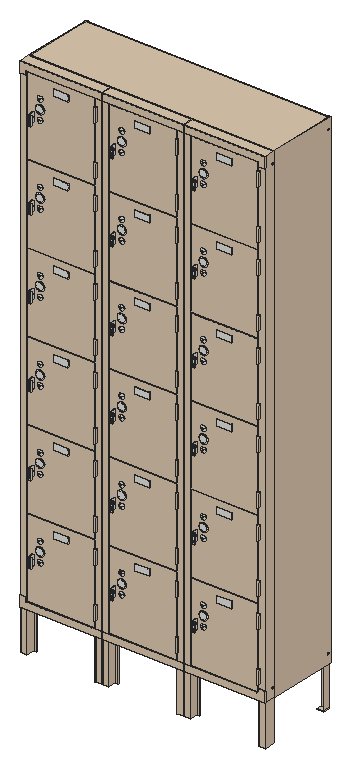
Revit family "Metal_Vented_Lockers-Salsbury_Industries-75000_76000_Series-3_Wide_Units", category Specialty Equipment, Revit 2016 (continued)
Definition of nested family "Vents"
  Lines and regions (in)
    model lines
      curve 4: spline (-0.12232, 0, 67.66311) -> (-0.1046, 0, 67.6924) -> (-0.08525, 0, 67.71698) -> (-0.06455, 0, 67.73644) -> (-0.04284, 0, 67.7505) -> (-0.02044, 0, 67.75894) -> (0.00229, 0, 67.76163) -> (0.02501, 0, 67.75853) -> (0.04737, 0, 67.74968) -> (0.06902, 0, 67.73522) -> (0.08963, 0, 67.71538) -> (0.10888, 0, 67.69045) -> (0.12647, 0, 67.66083)
      curve 5: line (-0.12232, 0, 67.66311) -> (-0.3738, 0, 67.01138)
      curve 6: line (0.12647, 0, 67.66083) -> (0.37669, 0, 67.01065)
      curve 7: spline (-0.12218, 0, 64.62229) -> (-0.10447, 0, 64.59316) -> (-0.08514, 0, 64.56873) -> (-0.06447, 0, 64.54937) -> (-0.04279, 0, 64.53539) -> (-0.02043, 0, 64.52699) -> (0.00227, 0, 64.52432) -> (0.02496, 0, 64.5274) -> (0.04728, 0, 64.53619) -> (0.0689, 0, 64.55055) -> (0.08949, 0, 64.57027) -> (0.10872, 0, 64.59505) -> (0.1263, 0, 64.62449)
      curve 8: line (-0.12218, 0, 64.62229) -> (-0.3738, 0, 65.27438)
      curve 9: line (0.1263, 0, 64.62449) -> (0.37669, 0, 65.27365)
      curve 10: spline (-0.12232, 0, 65.92611) -> (-0.1046, 0, 65.9554) -> (-0.08525, 0, 65.97998) -> (-0.06455, 0, 65.99944) -> (-0.04284, 0, 66.0135) -> (-0.02044, 0, 66.02194) -> (0.00229, 0, 66.02463) -> (0.02501, 0, 66.02153) -> (0.04737, 0, 66.01268) -> (0.06902, 0, 65.99822) -> (0.08963, 0, 65.97838) -> (0.10888, 0, 65.95345) -> (0.12647, 0, 65.92383)
      curve 11: line (-0.12232, 0, 65.92611) -> (-0.3738, 0, 65.27438)
      curve 12: line (0.12647, 0, 65.92383) -> (0.37669, 0, 65.27365)
      curve 13: spline (-0.12218, 0, 62.88529) -> (-0.10447, 0, 62.85616) -> (-0.08514, 0, 62.83173) -> (-0.06447, 0, 62.81237) -> (-0.04279, 0, 62.79839) -> (-0.02043, 0, 62.78999) -> (0.00227, 0, 62.78732) -> (0.02496, 0, 62.7904) -> (0.04728, 0, 62.79919) -> (0.0689, 0, 62.81355) -> (0.08949, 0, 62.83327) -> (0.10872, 0, 62.85805) -> (0.1263, 0, 62.88749)
      curve 14: line (-0.12218, 0, 62.88529) -> (-0.3738, 0, 63.53738)
      curve 15: line (0.1263, 0, 62.88749) -> (0.37669, 0, 63.53665)
      curve 16: spline (-0.12232, 0, 64.18911) -> (-0.1046, 0, 64.2184) -> (-0.08525, 0, 64.24298) -> (-0.06455, 0, 64.26244) -> (-0.04284, 0, 64.2765) -> (-0.02044, 0, 64.28494) -> (0.00229, 0, 64.28763) -> (0.02501, 0, 64.28453) -> (0.04737, 0, 64.27568) -> (0.06902, 0, 64.26122) -> (0.08963, 0, 64.24138) -> (0.10888, 0, 64.21645) -> (0.12647, 0, 64.18683)
      curve 17: line (-0.12232, 0, 64.18911) -> (-0.3738, 0, 63.53738)
      curve 18: line (0.12647, 0, 64.18683) -> (0.37669, 0, 63.53665)
      curve 19: spline (-0.12218, 0, 61.14829) -> (-0.10447, 0, 61.11916) -> (-0.08514, 0, 61.09473) -> (-0.06447, 0, 61.07537) -> (-0.04279, 0, 61.06139) -> (-0.02043, 0, 61.05299) -> (0.00227, 0, 61.05032) -> (0.02496, 0, 61.0534) -> (0.04728, 0, 61.06219) -> (0.0689, 0, 61.07655) -> (0.08949, 0, 61.09627) -> (0.10872, 0, 61.12105) -> (0.1263, 0, 61.15049)
      curve 20: line (-0.12218, 0, 61.14829) -> (-0.3738, 0, 61.80038)
      curve 21: line (0.1263, 0, 61.15049) -> (0.37669, 0, 61.79965)
      curve 22: spline (-0.12232, 0, 62.45211) -> (-0.1046, 0, 62.4814) -> (-0.08525, 0, 62.50598) -> (-0.06455, 0, 62.52544) -> (-0.04284, 0, 62.5395) -> (-0.02044, 0, 62.54794) -> (0.00229, 0, 62.55063) -> (0.02501, 0, 62.54753) -> (0.04737, 0, 62.53868) -> (0.06902, 0, 62.52422) -> (0.08963, 0, 62.50438) -> (0.10888, 0, 62.47945) -> (0.12647, 0, 62.44983)
      curve 23: line (-0.12232, 0, 62.45211) -> (-0.3738, 0, 61.80038)
      curve 24: line (0.12647, 0, 62.44983) -> (0.37669, 0, 61.79965)
      curve 25: spline (-0.12218, 0, 59.41129) -> (-0.10447, 0, 59.38216) -> (-0.08514, 0, 59.35773) -> (-0.06447, 0, 59.33837) -> (-0.04279, 0, 59.32439) -> (-0.02043, 0, 59.31599) -> (0.00227, 0, 59.31332) -> (0.02496, 0, 59.3164) -> (0.04728, 0, 59.32519) -> (0.0689, 0, 59.33955) -> (0.08949, 0, 59.35927) -> (0.10872, 0, 59.38405) -> (0.1263, 0, 59.41349)
      curve 26: line (-0.12218, 0, 59.41129) -> (-0.3738, 0, 60.06338)
      curve 27: line (0.1263, 0, 59.41349) -> (0.37669, 0, 60.06265)
      curve 28: spline (-0.12232, 0, 60.71511) -> (-0.1046, 0, 60.7444) -> (-0.08525, 0, 60.76898) -> (-0.06455, 0, 60.78844) -> (-0.04284, 0, 60.8025) -> (-0.02044, 0, 60.81094) -> (0.00229, 0, 60.81363) -> (0.02501, 0, 60.81053) -> (0.04737, 0, 60.80168) -> (0.06902, 0, 60.78722) -> (0.08963, 0, 60.76738) -> (0.10888, 0, 60.74245) -> (0.12647, 0, 60.71283)
      curve 29: line (-0.12232, 0, 60.71511) -> (-0.3738, 0, 60.06338)
      curve 30: line (0.12647, 0, 60.71283) -> (0.37669, 0, 60.06265)
      curve 31: spline (-0.12218, 0, 57.67429) -> (-0.10447, 0, 57.64516) -> (-0.08514, 0, 57.62073) -> (-0.06447, 0, 57.60137) -> (-0.04279, 0, 57.58739) -> (-0.02043, 0, 57.57899) -> (0.00227, 0, 57.57632) -> (0.02496, 0, 57.5794) -> (0.04728, 0, 57.58819) -> (0.0689, 0, 57.60255) -> (0.08949, 0, 57.62227) -> (0.10872, 0, 57.64705) -> (0.1263, 0, 57.67649)
      curve 32: line (-0.12218, 0, 57.67429) -> (-0.3738, 0, 58.32638)
      curve 33: line (0.1263, 0, 57.67649) -> (0.37669, 0, 58.32565)
      curve 34: spline (-0.12232, 0, 58.97811) -> (-0.1046, 0, 59.0074) -> (-0.08525, 0, 59.03198) -> (-0.06455, 0, 59.05144) -> (-0.04284, 0, 59.0655) -> (-0.02044, 0, 59.07394) -> (0.00229, 0, 59.07663) -> (0.02501, 0, 59.07353) -> (0.04737, 0, 59.06468) -> (0.06902, 0, 59.05022) -> (0.08963, 0, 59.03038) -> (0.10888, 0, 59.00545) -> (0.12647, 0, 58.97583)
      curve 35: line (-0.12232, 0, 58.97811) -> (-0.3738, 0, 58.32638)
      curve 36: line (0.12647, 0, 58.97583) -> (0.37669, 0, 58.32565)
      curve 37: spline (-0.12218, 0, 55.93729) -> (-0.10447, 0, 55.90816) -> (-0.08514, 0, 55.88373) -> (-0.06447, 0, 55.86437) -> (-0.04279, 0, 55.85039) -> (-0.02043, 0, 55.84199) -> (0.00227, 0, 55.83932) -> (0.02496, 0, 55.8424) -> (0.04728, 0, 55.85119) -> (0.0689, 0, 55.86555) -> (0.08949, 0, 55.88527) -> (0.10872, 0, 55.91005) -> (0.1263, 0, 55.93949)
      curve 38: line (-0.12218, 0, 55.93729) -> (-0.3738, 0, 56.58938)
      curve 39: line (0.1263, 0, 55.93949) -> (0.37669, 0, 56.58865)
      curve 40: spline (-0.12232, 0, 57.24111) -> (-0.1046, 0, 57.2704) -> (-0.08525, 0, 57.29498) -> (-0.06455, 0, 57.31444) -> (-0.04284, 0, 57.3285) -> (-0.02044, 0, 57.33694) -> (0.00229, 0, 57.33963) -> (0.02501, 0, 57.33653) -> (0.04737, 0, 57.32768) -> (0.06902, 0, 57.31322) -> (0.08963, 0, 57.29338) -> (0.10888, 0, 57.26845) -> (0.12647, 0, 57.23883)
      curve 41: line (-0.12232, 0, 57.24111) -> (-0.3738, 0, 56.58938)
      curve 42: line (0.12647, 0, 57.23883) -> (0.37669, 0, 56.58865)
      curve 43: spline (-0.12218, 0, 54.20029) -> (-0.10447, 0, 54.17116) -> (-0.08514, 0, 54.14673) -> (-0.06447, 0, 54.12737) -> (-0.04279, 0, 54.11339) -> (-0.02043, 0, 54.10499) -> (0.00227, 0, 54.10232) -> (0.02496, 0, 54.1054) -> (0.04728, 0, 54.11419) -> (0.0689, 0, 54.12855) -> (0.08949, 0, 54.14827) -> (0.10872, 0, 54.17305) -> (0.1263, 0, 54.20249)
      curve 44: line (-0.12218, 0, 54.20029) -> (-0.3738, 0, 54.85238)
      curve 45: line (0.1263, 0, 54.20249) -> (0.37669, 0, 54.85165)
      curve 46: spline (-0.12232, 0, 55.50411) -> (-0.1046, 0, 55.5334) -> (-0.08525, 0, 55.55798) -> (-0.06455, 0, 55.57744) -> (-0.04284, 0, 55.5915) -> (-0.02044, 0, 55.59994) -> (0.00229, 0, 55.60263) -> (0.02501, 0, 55.59953) -> (0.04737, 0, 55.59068) -> (0.06902, 0, 55.57622) -> (0.08963, 0, 55.55638) -> (0.10888, 0, 55.53145) -> (0.12647, 0, 55.50183)
      curve 47: line (-0.12232, 0, 55.50411) -> (-0.3738, 0, 54.85238)
      curve 48: line (0.12647, 0, 55.50183) -> (0.37669, 0, 54.85165)
      curve 49: spline (-0.12218, 0, 52.46329) -> (-0.10447, 0, 52.43416) -> (-0.08514, 0, 52.40973) -> (-0.06447, 0, 52.39037) -> (-0.04279, 0, 52.37639) -> (-0.02043, 0, 52.36799) -> (0.00227, 0, 52.36532) -> (0.02496, 0, 52.3684) -> (0.04728, 0, 52.37719) -> (0.0689, 0, 52.39155) -> (0.08949, 0, 52.41127) -> (0.10872, 0, 52.43605) -> (0.1263, 0, 52.46549)
      curve 50: line (-0.12218, 0, 52.46329) -> (-0.3738, 0, 53.11538)
      curve 51: line (0.1263, 0, 52.46549) -> (0.37669, 0, 53.11465)
      curve 52: spline (-0.12232, 0, 53.76711) -> (-0.1046, 0, 53.7964) -> (-0.08525, 0, 53.82098) -> (-0.06455, 0, 53.84044) -> (-0.04284, 0, 53.8545) -> (-0.02044, 0, 53.86294) -> (0.00229, 0, 53.86563) -> (0.02501, 0, 53.86253) -> (0.04737, 0, 53.85368) -> (0.06902, 0, 53.83922) -> (0.08963, 0, 53.81938) -> (0.10888, 0, 53.79445) -> (0.12647, 0, 53.76483)
      curve 53: line (-0.12232, 0, 53.76711) -> (-0.3738, 0, 53.11538)
      curve 54: line (0.12647, 0, 53.76483) -> (0.37669, 0, 53.11465)
      curve 55: spline (-0.12218, 0, 50.72629) -> (-0.10447, 0, 50.69716) -> (-0.08514, 0, 50.67273) -> (-0.06447, 0, 50.65337) -> (-0.04279, 0, 50.63939) -> (-0.02043, 0, 50.63099) -> (0.00227, 0, 50.62832) -> (0.02496, 0, 50.6314) -> (0.04728, 0, 50.64019) -> (0.0689, 0, 50.65455) -> (0.08949, 0, 50.67427) -> (0.10872, 0, 50.69905) -> (0.1263, 0, 50.72849)
      curve 56: line (-0.12218, 0, 50.72629) -> (-0.3738, 0, 51.37838)
      curve 57: line (0.1263, 0, 50.72849) -> (0.37669, 0, 51.37765)
      curve 58: spline (-0.12232, 0, 52.03011) -> (-0.1046, 0, 52.0594) -> (-0.08525, 0, 52.08398) -> (-0.06455, 0, 52.10344) -> (-0.04284, 0, 52.1175) -> (-0.02044, 0, 52.12594) -> (0.00229, 0, 52.12863) -> (0.02501, 0, 52.12553) -> (0.04737, 0, 52.11668) -> (0.06902, 0, 52.10222) -> (0.08963, 0, 52.08238) -> (0.10888, 0, 52.05745) -> (0.12647, 0, 52.02783)
      curve 59: line (-0.12232, 0, 52.03011) -> (-0.3738, 0, 51.37838)
      curve 60: line (0.12647, 0, 52.02783) -> (0.37669, 0, 51.37765)
      curve 61: spline (-0.12218, 0, 48.98929) -> (-0.10447, 0, 48.96016) -> (-0.08514, 0, 48.93573) -> (-0.06447, 0, 48.91637) -> (-0.04279, 0, 48.90239) -> (-0.02043, 0, 48.89399) -> (0.00227, 0, 48.89132) -> (0.02496, 0, 48.8944) -> (0.04728, 0, 48.90319) -> (0.0689, 0, 48.91755) -> (0.08949, 0, 48.93727) -> (0.10872, 0, 48.96205) -> (0.1263, 0, 48.99149)
      curve 62: line (-0.12218, 0, 48.98929) -> (-0.3738, 0, 49.64138)
      curve 63: line (0.1263, 0, 48.99149) -> (0.37669, 0, 49.64065)
      curve 64: spline (-0.12232, 0, 50.29311) -> (-0.1046, 0, 50.3224) -> (-0.08525, 0, 50.34698) -> (-0.06455, 0, 50.36644) -> (-0.04284, 0, 50.3805) -> (-0.02044, 0, 50.38894) -> (0.00229, 0, 50.39163) -> (0.02501, 0, 50.38853) -> (0.04737, 0, 50.37968) -> (0.06902, 0, 50.36522) -> (0.08963, 0, 50.34538) -> (0.10888, 0, 50.32045) -> (0.12647, 0, 50.29083)
      curve 65: line (-0.12232, 0, 50.29311) -> (-0.3738, 0, 49.64138)
      curve 66: line (0.12647, 0, 50.29083) -> (0.37669, 0, 49.64065)
      curve 67: spline (-0.12218, 0, 47.25229) -> (-0.10447, 0, 47.22316) -> (-0.08514, 0, 47.19873) -> (-0.06447, 0, 47.17937) -> (-0.04279, 0, 47.16539) -> (-0.02043, 0, 47.15699) -> (0.00227, 0, 47.15432) -> (0.02496, 0, 47.1574) -> (0.04728, 0, 47.16619) -> (0.0689, 0, 47.18055) -> (0.08949, 0, 47.20027) -> (0.10872, 0, 47.22505) -> (0.1263, 0, 47.25449)
      curve 68: line (-0.12218, 0, 47.25229) -> (-0.3738, 0, 47.90438)
      curve 69: line (0.1263, 0, 47.25449) -> (0.37669, 0, 47.90365)
      curve 70: spline (-0.12232, 0, 48.55611) -> (-0.1046, 0, 48.5854) -> (-0.08525, 0, 48.60998) -> (-0.06455, 0, 48.62944) -> (-0.04284, 0, 48.6435) -> (-0.02044, 0, 48.65194) -> (0.00229, 0, 48.65463) -> (0.02501, 0, 48.65153) -> (0.04737, 0, 48.64268) -> (0.06902, 0, 48.62822) -> (0.08963, 0, 48.60838) -> (0.10888, 0, 48.58345) -> (0.12647, 0, 48.55383)
      curve 71: line (-0.12232, 0, 48.55611) -> (-0.3738, 0, 47.90438)
      curve 72: line (0.12647, 0, 48.55383) -> (0.37669, 0, 47.90365)
      curve 73: spline (-0.12218, 0, 45.51529) -> (-0.10447, 0, 45.48616) -> (-0.08514, 0, 45.46173) -> (-0.06447, 0, 45.44237) -> (-0.04279, 0, 45.42839) -> (-0.02043, 0, 45.41999) -> (0.00227, 0, 45.41732) -> (0.02496, 0, 45.4204) -> (0.04728, 0, 45.42919) -> (0.0689, 0, 45.44355) -> (0.08949, 0, 45.46327) -> (0.10872, 0, 45.48805) -> (0.1263, 0, 45.51749)
      curve 74: line (-0.12218, 0, 45.51529) -> (-0.3738, 0, 46.16738)
      curve 75: line (0.1263, 0, 45.51749) -> (0.37669, 0, 46.16665)
      curve 76: spline (-0.12232, 0, 46.81911) -> (-0.1046, 0, 46.8484) -> (-0.08525, 0, 46.87298) -> (-0.06455, 0, 46.89244) -> (-0.04284, 0, 46.9065) -> (-0.02044, 0, 46.91494) -> (0.00229, 0, 46.91763) -> (0.02501, 0, 46.91453) -> (0.04737, 0, 46.90568) -> (0.06902, 0, 46.89122) -> (0.08963, 0, 46.87138) -> (0.10888, 0, 46.84645) -> (0.12647, 0, 46.81683)
      curve 77: line (-0.12232, 0, 46.81911) -> (-0.3738, 0, 46.16738)
      curve 78: line (0.12647, 0, 46.81683) -> (0.37669, 0, 46.16665)
      curve 79: spline (-0.12218, 0, 43.77829) -> (-0.10447, 0, 43.74916) -> (-0.08514, 0, 43.72473) -> (-0.06447, 0, 43.70537) -> (-0.04279, 0, 43.69139) -> (-0.02043, 0, 43.68299) -> (0.00227, 0, 43.68032) -> (0.02496, 0, 43.6834) -> (0.04728, 0, 43.69219) -> (0.0689, 0, 43.70655) -> (0.08949, 0, 43.72627) -> (0.10872, 0, 43.75105) -> (0.1263, 0, 43.78049)
      curve 80: line (-0.12218, 0, 43.77829) -> (-0.3738, 0, 44.43038)
      curve 81: line (0.1263, 0, 43.78049) -> (0.37669, 0, 44.42965)
      curve 82: spline (-0.12232, 0, 45.08211) -> (-0.1046, 0, 45.1114) -> (-0.08525, 0, 45.13598) -> (-0.06455, 0, 45.15544) -> (-0.04284, 0, 45.1695) -> (-0.02044, 0, 45.17794) -> (0.00229, 0, 45.18063) -> (0.02501, 0, 45.17753) -> (0.04737, 0, 45.16868) -> (0.06902, 0, 45.15422) -> (0.08963, 0, 45.13438) -> (0.10888, 0, 45.10945) -> (0.12647, 0, 45.07983)
      curve 83: line (-0.12232, 0, 45.08211) -> (-0.3738, 0, 44.43038)
      curve 84: line (0.12647, 0, 45.07983) -> (0.37669, 0, 44.42965)
      curve 85: spline (-0.12218, 0, 42.04129) -> (-0.10447, 0, 42.01216) -> (-0.08514, 0, 41.98773) -> (-0.06447, 0, 41.96837) -> (-0.04279, 0, 41.95439) -> (-0.02043, 0, 41.94599) -> (0.00227, 0, 41.94332) -> (0.02496, 0, 41.9464) -> (0.04728, 0, 41.95519) -> (0.0689, 0, 41.96955) -> (0.08949, 0, 41.98927) -> (0.10872, 0, 42.01405) -> (0.1263, 0, 42.04349)
      curve 86: line (-0.12218, 0, 42.04129) -> (-0.3738, 0, 42.69338)
      curve 87: line (0.1263, 0, 42.04349) -> (0.37669, 0, 42.69265)
      curve 88: spline (-0.12232, 0, 43.34511) -> (-0.1046, 0, 43.3744) -> (-0.08525, 0, 43.39898) -> (-0.06455, 0, 43.41844) -> (-0.04284, 0, 43.4325) -> (-0.02044, 0, 43.44094) -> (0.00229, 0, 43.44363) -> (0.02501, 0, 43.44053) -> (0.04737, 0, 43.43168) -> (0.06902, 0, 43.41722) -> (0.08963, 0, 43.39738) -> (0.10888, 0, 43.37245) -> (0.12647, 0, 43.34283)
      curve 89: line (-0.12232, 0, 43.34511) -> (-0.3738, 0, 42.69338)
      curve 90: line (0.12647, 0, 43.34283) -> (0.37669, 0, 42.69265)
      curve 91: spline (-0.12218, 0, 40.30429) -> (-0.10447, 0, 40.27516) -> (-0.08514, 0, 40.25073) -> (-0.06447, 0, 40.23137) -> (-0.04279, 0, 40.21739) -> (-0.02043, 0, 40.20899) -> (0.00227, 0, 40.20632) -> (0.02496, 0, 40.2094) -> (0.04728, 0, 40.21819) -> (0.0689, 0, 40.23255) -> (0.08949, 0, 40.25227) -> (0.10872, 0, 40.27705) -> (0.1263, 0, 40.30649)
      curve 92: line (-0.12218, 0, 40.30429) -> (-0.3738, 0, 40.95638)
      curve 93: line (0.1263, 0, 40.30649) -> (0.37669, 0, 40.95565)
      curve 94: spline (-0.12232, 0, 41.60811) -> (-0.1046, 0, 41.6374) -> (-0.08525, 0, 41.66198) -> (-0.06455, 0, 41.68144) -> (-0.04284, 0, 41.6955) -> (-0.02044, 0, 41.70394) -> (0.00229, 0, 41.70663) -> (0.02501, 0, 41.70353) -> (0.04737, 0, 41.69468) -> (0.06902, 0, 41.68022) -> (0.08963, 0, 41.66038) -> (0.10888, 0, 41.63545) -> (0.12647, 0, 41.60583)
      curve 95: line (-0.12232, 0, 41.60811) -> (-0.3738, 0, 40.95638)
      curve 96: line (0.12647, 0, 41.60583) -> (0.37669, 0, 40.95565)
      curve 97: spline (-0.12218, 0, 38.56729) -> (-0.10447, 0, 38.53816) -> (-0.08514, 0, 38.51373) -> (-0.06447, 0, 38.49437) -> (-0.04279, 0, 38.48039) -> (-0.02043, 0, 38.47199) -> (0.00227, 0, 38.46932) -> (0.02496, 0, 38.4724) -> (0.04728, 0, 38.48119) -> (0.0689, 0, 38.49555) -> (0.08949, 0, 38.51527) -> (0.10872, 0, 38.54005) -> (0.1263, 0, 38.56949)
      curve 98: line (-0.12218, 0, 38.56729) -> (-0.3738, 0, 39.21938)
      curve 99: line (0.1263, 0, 38.56949) -> (0.37669, 0, 39.21865)
      curve 100: spline (-0.12232, 0, 39.87111) -> (-0.1046, 0, 39.9004) -> (-0.08525, 0, 39.92498) -> (-0.06455, 0, 39.94444) -> (-0.04284, 0, 39.9585) -> (-0.02044, 0, 39.96694) -> (0.00229, 0, 39.96963) -> (0.02501, 0, 39.96653) -> (0.04737, 0, 39.95768) -> (0.06902, 0, 39.94322) -> (0.08963, 0, 39.92338) -> (0.10888, 0, 39.89845) -> (0.12647, 0, 39.86883)
      curve 101: line (-0.12232, 0, 39.87111) -> (-0.3738, 0, 39.21938)
      curve 102: line (0.12647, 0, 39.86883) -> (0.37669, 0, 39.21865)
      curve 103: spline (-0.12218, 0, 36.83029) -> (-0.10447, 0, 36.80116) -> (-0.08514, 0, 36.77673) -> (-0.06447, 0, 36.75737) -> (-0.04279, 0, 36.74339) -> (-0.02043, 0, 36.73499) -> (0.00227, 0, 36.73232) -> (0.02496, 0, 36.7354) -> (0.04728, 0, 36.74419) -> (0.0689, 0, 36.75855) -> (0.08949, 0, 36.77827) -> (0.10872, 0, 36.80305) -> (0.1263, 0, 36.83249)
      curve 104: line (-0.12218, 0, 36.83029) -> (-0.3738, 0, 37.48238)
      curve 105: line (0.1263, 0, 36.83249) -> (0.37669, 0, 37.48165)
      curve 106: spline (-0.12232, 0, 38.13411) -> (-0.1046, 0, 38.1634) -> (-0.08525, 0, 38.18798) -> (-0.06455, 0, 38.20744) -> (-0.04284, 0, 38.2215) -> (-0.02044, 0, 38.22994) -> (0.00229, 0, 38.23263) -> (0.02501, 0, 38.22953) -> (0.04737, 0, 38.22068) -> (0.06902, 0, 38.20622) -> (0.08963, 0, 38.18638) -> (0.10888, 0, 38.16145) -> (0.12647, 0, 38.13183)
      curve 107: line (-0.12232, 0, 38.13411) -> (-0.3738, 0, 37.48238)
      curve 108: line (0.12647, 0, 38.13183) -> (0.37669, 0, 37.48165)
      curve 109: spline (-0.12218, 0, 35.09329) -> (-0.10447, 0, 35.06416) -> (-0.08514, 0, 35.03973) -> (-0.06447, 0, 35.02037) -> (-0.04279, 0, 35.00639) -> (-0.02043, 0, 34.99799) -> (0.00227, 0, 34.99532) -> (0.02496, 0, 34.9984) -> (0.04728, 0, 35.00719) -> (0.0689, 0, 35.02155) -> (0.08949, 0, 35.04127) -> (0.10872, 0, 35.06605) -> (0.1263, 0, 35.09549)
      curve 110: line (-0.12218, 0, 35.09329) -> (-0.3738, 0, 35.74538)
      curve 111: line (0.1263, 0, 35.09549) -> (0.37669, 0, 35.74465)
      curve 112: spline (-0.12232, 0, 36.39711) -> (-0.1046, 0, 36.4264) -> (-0.08525, 0, 36.45098) -> (-0.06455, 0, 36.47044) -> (-0.04284, 0, 36.4845) -> (-0.02044, 0, 36.49294) -> (0.00229, 0, 36.49563) -> (0.02501, 0, 36.49253) -> (0.04737, 0, 36.48368) -> (0.06902, 0, 36.46922) -> (0.08963, 0, 36.44938) -> (0.10888, 0, 36.42445) -> (0.12647, 0, 36.39483)
      curve 113: line (-0.12232, 0, 36.39711) -> (-0.3738, 0, 35.74538)
      curve 114: line (0.12647, 0, 36.39483) -> (0.37669, 0, 35.74465)
      curve 115: spline (-0.12218, 0, 33.35629) -> (-0.10447, 0, 33.32716) -> (-0.08514, 0, 33.30273) -> (-0.06447, 0, 33.28337) -> (-0.04279, 0, 33.26939) -> (-0.02043, 0, 33.26099) -> (0.00227, 0, 33.25832) -> (0.02496, 0, 33.2614) -> (0.04728, 0, 33.27019) -> (0.0689, 0, 33.28455) -> (0.08949, 0, 33.30427) -> (0.10872, 0, 33.32905) -> (0.1263, 0, 33.35849)
      curve 116: line (-0.12218, 0, 33.35629) -> (-0.3738, 0, 34.00838)
      curve 117: line (0.1263, 0, 33.35849) -> (0.37669, 0, 34.00765)
      curve 118: spline (-0.12232, 0, 34.66011) -> (-0.1046, 0, 34.6894) -> (-0.08525, 0, 34.71398) -> (-0.06455, 0, 34.73344) -> (-0.04284, 0, 34.7475) -> (-0.02044, 0, 34.75594) -> (0.00229, 0, 34.75863) -> (0.02501, 0, 34.75553) -> (0.04737, 0, 34.74668) -> (0.06902, 0, 34.73222) -> (0.08963, 0, 34.71238) -> (0.10888, 0, 34.68745) -> (0.12647, 0, 34.65783)
      curve 119: line (-0.12232, 0, 34.66011) -> (-0.3738, 0, 34.00838)
      curve 120: line (0.12647, 0, 34.65783) -> (0.37669, 0, 34.00765)
      curve 121: spline (-0.12218, 0, 31.61929) -> (-0.10447, 0, 31.59016) -> (-0.08514, 0, 31.56573) -> (-0.06447, 0, 31.54637) -> (-0.04279, 0, 31.53239) -> (-0.02043, 0, 31.52399) -> (0.00227, 0, 31.52132) -> (0.02496, 0, 31.5244) -> (0.04728, 0, 31.53319) -> (0.0689, 0, 31.54755) -> (0.08949, 0, 31.56727) -> (0.10872, 0, 31.59205) -> (0.1263, 0, 31.62149)
      curve 122: line (-0.12218, 0, 31.61929) -> (-0.3738, 0, 32.27138)
      curve 123: line (0.1263, 0, 31.62149) -> (0.37669, 0, 32.27065)
      curve 124: spline (-0.12232, 0, 32.92311) -> (-0.1046, 0, 32.9524) -> (-0.08525, 0, 32.97698) -> (-0.06455, 0, 32.99644) -> (-0.04284, 0, 33.0105) -> (-0.02044, 0, 33.01894) -> (0.00229, 0, 33.02163) -> (0.02501, 0, 33.01853) -> (0.04737, 0, 33.00968) -> (0.06902, 0, 32.99522) -> (0.08963, 0, 32.97538) -> (0.10888, 0, 32.95045) -> (0.12647, 0, 32.92083)
      curve 125: line (-0.12232, 0, 32.92311) -> (-0.3738, 0, 32.27138)
      curve 126: line (0.12647, 0, 32.92083) -> (0.37669, 0, 32.27065)
      curve 127: spline (-0.12218, 0, 29.88229) -> (-0.10447, 0, 29.85316) -> (-0.08514, 0, 29.82873) -> (-0.06447, 0, 29.80937) -> (-0.04279, 0, 29.79539) -> (-0.02043, 0, 29.78699) -> (0.00227, 0, 29.78432) -> (0.02496, 0, 29.7874) -> (0.04728, 0, 29.79619) -> (0.0689, 0, 29.81055) -> (0.08949, 0, 29.83027) -> (0.10872, 0, 29.85505) -> (0.1263, 0, 29.88449)
      curve 128: line (-0.12218, 0, 29.88229) -> (-0.3738, 0, 30.53438)
      curve 129: line (0.1263, 0, 29.88449) -> (0.37669, 0, 30.53365)
      curve 130: spline (-0.12232, 0, 31.18611) -> (-0.1046, 0, 31.2154) -> (-0.08525, 0, 31.23998) -> (-0.06455, 0, 31.25944) -> (-0.04284, 0, 31.2735) -> (-0.02044, 0, 31.28194) -> (0.00229, 0, 31.28463) -> (0.02501, 0, 31.28153) -> (0.04737, 0, 31.27268) -> (0.06902, 0, 31.25822) -> (0.08963, 0, 31.23838) -> (0.10888, 0, 31.21345) -> (0.12647, 0, 31.18383)
      curve 131: line (-0.12232, 0, 31.18611) -> (-0.3738, 0, 30.53438)
      curve 132: line (0.12647, 0, 31.18383) -> (0.37669, 0, 30.53365)
      curve 133: spline (-0.12218, 0, 28.14529) -> (-0.10447, 0, 28.11616) -> (-0.08514, 0, 28.09173) -> (-0.06447, 0, 28.07237) -> (-0.04279, 0, 28.05839) -> (-0.02043, 0, 28.04999) -> (0.00227, 0, 28.04732) -> (0.02496, 0, 28.0504) -> (0.04728, 0, 28.05919) -> (0.0689, 0, 28.07355) -> (0.08949, 0, 28.09327) -> (0.10872, 0, 28.11805) -> (0.1263, 0, 28.14749)
      curve 134: line (-0.12218, 0, 28.14529) -> (-0.3738, 0, 28.79738)
      curve 135: line (0.1263, 0, 28.14749) -> (0.37669, 0, 28.79665)
      curve 136: spline (-0.12232, 0, 29.44911) -> (-0.1046, 0, 29.4784) -> (-0.08525, 0, 29.50298) -> (-0.06455, 0, 29.52244) -> (-0.04284, 0, 29.5365) -> (-0.02044, 0, 29.54494) -> (0.00229, 0, 29.54763) -> (0.02501, 0, 29.54453) -> (0.04737, 0, 29.53568) -> (0.06902, 0, 29.52122) -> (0.08963, 0, 29.50138) -> (0.10888, 0, 29.47645) -> (0.12647, 0, 29.44683)
      curve 137: line (-0.12232, 0, 29.44911) -> (-0.3738, 0, 28.79738)
      curve 138: line (0.12647, 0, 29.44683) -> (0.37669, 0, 28.79665)
      curve 139: spline (-0.12218, 0, 26.40829) -> (-0.10447, 0, 26.37916) -> (-0.08514, 0, 26.35473) -> (-0.06447, 0, 26.33537) -> (-0.04279, 0, 26.32139) -> (-0.02043, 0, 26.31299) -> (0.00227, 0, 26.31032) -> (0.02496, 0, 26.3134) -> (0.04728, 0, 26.32219) -> (0.0689, 0, 26.33655) -> (0.08949, 0, 26.35627) -> (0.10872, 0, 26.38105) -> (0.1263, 0, 26.41049)
      curve 140: line (-0.12218, 0, 26.40829) -> (-0.3738, 0, 27.06038)
      curve 141: line (0.1263, 0, 26.41049) -> (0.37669, 0, 27.05965)
      curve 142: spline (-0.12232, 0, 27.71211) -> (-0.1046, 0, 27.7414) -> (-0.08525, 0, 27.76598) -> (-0.06455, 0, 27.78544) -> (-0.04284, 0, 27.7995) -> (-0.02044, 0, 27.80794) -> (0.00229, 0, 27.81063) -> (0.02501, 0, 27.80753) -> (0.04737, 0, 27.79868) -> (0.06902, 0, 27.78422) -> (0.08963, 0, 27.76438) -> (0.10888, 0, 27.73945) -> (0.12647, 0, 27.70983)
      curve 143: line (-0.12232, 0, 27.71211) -> (-0.3738, 0, 27.06038)
      curve 144: line (0.12647, 0, 27.70983) -> (0.37669, 0, 27.05965)
      curve 145: spline (-0.12218, 0, 24.67129) -> (-0.10447, 0, 24.64216) -> (-0.08514, 0, 24.61773) -> (-0.06447, 0, 24.59837) -> (-0.04279, 0, 24.58439) -> (-0.02043, 0, 24.57599) -> (0.00227, 0, 24.57332) -> (0.02496, 0, 24.5764) -> (0.04728, 0, 24.58519) -> (0.0689, 0, 24.59955) -> (0.08949, 0, 24.61927) -> (0.10872, 0, 24.64405) -> (0.1263, 0, 24.67349)
      curve 146: line (-0.12218, 0, 24.67129) -> (-0.3738, 0, 25.32338)
      curve 147: line (0.1263, 0, 24.67349) -> (0.37669, 0, 25.32265)
      curve 148: spline (-0.12232, 0, 25.97511) -> (-0.1046, 0, 26.0044) -> (-0.08525, 0, 26.02898) -> (-0.06455, 0, 26.04844) -> (-0.04284, 0, 26.0625) -> (-0.02044, 0, 26.07094) -> (0.00229, 0, 26.07363) -> (0.02501, 0, 26.07053) -> (0.04737, 0, 26.06168) -> (0.06902, 0, 26.04722) -> (0.08963, 0, 26.02738) -> (0.10888, 0, 26.00245) -> (0.12647, 0, 25.97283)
      curve 149: line (-0.12232, 0, 25.97511) -> (-0.3738, 0, 25.32338)
      curve 150: line (0.12647, 0, 25.97283) -> (0.37669, 0, 25.32265)
      curve 151: spline (-0.12218, 0, 22.93429) -> (-0.10447, 0, 22.90516) -> (-0.08514, 0, 22.88073) -> (-0.06447, 0, 22.86137) -> (-0.04279, 0, 22.84739) -> (-0.02043, 0, 22.83899) -> (0.00227, 0, 22.83632) -> (0.02496, 0, 22.8394) -> (0.04728, 0, 22.84819) -> (0.0689, 0, 22.86255) -> (0.08949, 0, 22.88227) -> (0.10872, 0, 22.90705) -> (0.1263, 0, 22.93649)
      curve 152: line (-0.12218, 0, 22.93429) -> (-0.3738, 0, 23.58638)
      curve 153: line (0.1263, 0, 22.93649) -> (0.37669, 0, 23.58565)
      curve 154: spline (-0.12232, 0, 24.23811) -> (-0.1046, 0, 24.2674) -> (-0.08525, 0, 24.29198) -> (-0.06455, 0, 24.31144) -> (-0.04284, 0, 24.3255) -> (-0.02044, 0, 24.33394) -> (0.00229, 0, 24.33663) -> (0.02501, 0, 24.33353) -> (0.04737, 0, 24.32468) -> (0.06902, 0, 24.31022) -> (0.08963, 0, 24.29038) -> (0.10888, 0, 24.26545) -> (0.12647, 0, 24.23583)
      curve 155: line (-0.12232, 0, 24.23811) -> (-0.3738, 0, 23.58638)
      curve 156: line (0.12647, 0, 24.23583) -> (0.37669, 0, 23.58565)
      curve 157: spline (-0.12218, 0, 21.19729) -> (-0.10447, 0, 21.16816) -> (-0.08514, 0, 21.14373) -> (-0.06447, 0, 21.12437) -> (-0.04279, 0, 21.11039) -> (-0.02043, 0, 21.10199) -> (0.00227, 0, 21.09932) -> (0.02496, 0, 21.1024) -> (0.04728, 0, 21.11119) -> (0.0689, 0, 21.12555) -> (0.08949, 0, 21.14527) -> (0.10872, 0, 21.17005) -> (0.1263, 0, 21.19949)
      curve 158: line (-0.12218, 0, 21.19729) -> (-0.3738, 0, 21.84938)
      curve 159: line (0.1263, 0, 21.19949) -> (0.37669, 0, 21.84865)
      curve 160: spline (-0.12232, 0, 22.50111) -> (-0.1046, 0, 22.5304) -> (-0.08525, 0, 22.55498) -> (-0.06455, 0, 22.57444) -> (-0.04284, 0, 22.5885) -> (-0.02044, 0, 22.59694) -> (0.00229, 0, 22.59963) -> (0.02501, 0, 22.59653) -> (0.04737, 0, 22.58768) -> (0.06902, 0, 22.57322) -> (0.08963, 0, 22.55338) -> (0.10888, 0, 22.52845) -> (0.12647, 0, 22.49883)
      curve 161: line (-0.12232, 0, 22.50111) -> (-0.3738, 0, 21.84938)
      curve 162: line (0.12647, 0, 22.49883) -> (0.37669, 0, 21.84865)
      curve 163: spline (-0.12218, 0, 19.46029) -> (-0.10447, 0, 19.43116) -> (-0.08514, 0, 19.40673) -> (-0.06447, 0, 19.38737) -> (-0.04279, 0, 19.37339) -> (-0.02043, 0, 19.36499) -> (0.00227, 0, 19.36232) -> (0.02496, 0, 19.3654) -> (0.04728, 0, 19.37419) -> (0.0689, 0, 19.38855) -> (0.08949, 0, 19.40827) -> (0.10872, 0, 19.43305) -> (0.1263, 0, 19.46249)
      curve 164: line (-0.12218, 0, 19.46029) -> (-0.3738, 0, 20.11238)
      curve 165: line (0.1263, 0, 19.46249) -> (0.37669, 0, 20.11165)
      curve 166: spline (-0.12232, 0, 20.76411) -> (-0.1046, 0, 20.7934) -> (-0.08525, 0, 20.81798) -> (-0.06455, 0, 20.83744) -> (-0.04284, 0, 20.8515) -> (-0.02044, 0, 20.85994) -> (0.00229, 0, 20.86263) -> (0.02501, 0, 20.85953) -> (0.04737, 0, 20.85068) -> (0.06902, 0, 20.83622) -> (0.08963, 0, 20.81638) -> (0.10888, 0, 20.79145) -> (0.12647, 0, 20.76183)
      curve 167: line (-0.12232, 0, 20.76411) -> (-0.3738, 0, 20.11238)
      curve 168: line (0.12647, 0, 20.76183) -> (0.37669, 0, 20.11165)
      curve 197: spline (-0.12218, 0, 17.72329) -> (-0.10447, 0, 17.69416) -> (-0.08514, 0, 17.66973) -> (-0.06447, 0, 17.65037) -> (-0.04279, 0, 17.63639) -> (-0.02043, 0, 17.62799) -> (0.00227, 0, 17.62532) -> (0.02496, 0, 17.6284) -> (0.04728, 0, 17.63719) -> (0.0689, 0, 17.65155) -> (0.08949, 0, 17.67127) -> (0.10872, 0, 17.69605) -> (0.1263, 0, 17.72549)
      curve 198: line (-0.12218, 0, 17.72329) -> (-0.3738, 0, 18.37538)
      curve 199: line (0.1263, 0, 17.72549) -> (0.37669, 0, 18.37465)
      curve 200: spline (-0.12232, 0, 19.02711) -> (-0.1046, 0, 19.0564) -> (-0.08525, 0, 19.08098) -> (-0.06455, 0, 19.10044) -> (-0.04284, 0, 19.1145) -> (-0.02044, 0, 19.12294) -> (0.00229, 0, 19.12563) -> (0.02501, 0, 19.12253) -> (0.04737, 0, 19.11368) -> (0.06902, 0, 19.09922) -> (0.08963, 0, 19.07938) -> (0.10888, 0, 19.05445) -> (0.12647, 0, 19.02483)
      curve 201: line (-0.12232, 0, 19.02711) -> (-0.3738, 0, 18.37538)
      curve 202: line (0.12647, 0, 19.02483) -> (0.37669, 0, 18.37465)
      curve 204: spline (-0.12218, 0, 15.98629) -> (-0.10447, 0, 15.95716) -> (-0.08514, 0, 15.93273) -> (-0.06447, 0, 15.91337) -> (-0.04279, 0, 15.89939) -> (-0.02043, 0, 15.89099) -> (0.00227, 0, 15.88832) -> (0.02496, 0, 15.8914) -> (0.04728, 0, 15.90019) -> (0.0689, 0, 15.91455) -> (0.08949, 0, 15.93427) -> (0.10872, 0, 15.95905) -> (0.1263, 0, 15.98849)
      curve 205: line (-0.12218, 0, 15.98629) -> (-0.3738, 0, 16.63838)
      curve 206: line (0.1263, 0, 15.98849) -> (0.37669, 0, 16.63765)
      curve 207: spline (-0.12232, 0, 17.29011) -> (-0.1046, 0, 17.3194) -> (-0.08525, 0, 17.34398) -> (-0.06455, 0, 17.36344) -> (-0.04284, 0, 17.3775) -> (-0.02044, 0, 17.38594) -> (0.00229, 0, 17.38863) -> (0.02501, 0, 17.38553) -> (0.04737, 0, 17.37668) -> (0.06902, 0, 17.36222) -> (0.08963, 0, 17.34238) -> (0.10888, 0, 17.31745) -> (0.12647, 0, 17.28783)
      curve 208: line (-0.12232, 0, 17.29011) -> (-0.3738, 0, 16.63838)
      curve 209: line (0.12647, 0, 17.28783) -> (0.37669, 0, 16.63765)
      curve 211: spline (-0.12218, 0, 14.24929) -> (-0.10447, 0, 14.22016) -> (-0.08514, 0, 14.19573) -> (-0.06447, 0, 14.17637) -> (-0.04279, 0, 14.16239) -> (-0.02043, 0, 14.15399) -> (0.00227, 0, 14.15132) -> (0.02496, 0, 14.1544) -> (0.04728, 0, 14.16319) -> (0.0689, 0, 14.17755) -> (0.08949, 0, 14.19727) -> (0.10872, 0, 14.22205) -> (0.1263, 0, 14.25149)
      curve 212: line (-0.12218, 0, 14.24929) -> (-0.3738, 0, 14.90138)
      curve 213: line (0.1263, 0, 14.25149) -> (0.37669, 0, 14.90065)
      curve 214: spline (-0.12232, 0, 15.55311) -> (-0.1046, 0, 15.5824) -> (-0.08525, 0, 15.60698) -> (-0.06455, 0, 15.62644) -> (-0.04284, 0, 15.6405) -> (-0.02044, 0, 15.64894) -> (0.00229, 0, 15.65163) -> (0.02501, 0, 15.64853) -> (0.04737, 0, 15.63968) -> (0.06902, 0, 15.62522) -> (0.08963, 0, 15.60538) -> (0.10888, 0, 15.58045) -> (0.12647, 0, 15.55083)
      curve 215: line (-0.12232, 0, 15.55311) -> (-0.3738, 0, 14.90138)
      curve 216: line (0.12647, 0, 15.55083) -> (0.37669, 0, 14.90065)
      curve 218: spline (-0.12218, 0, 12.51229) -> (-0.10447, 0, 12.48316) -> (-0.08514, 0, 12.45873) -> (-0.06447, 0, 12.43937) -> (-0.04279, 0, 12.42539) -> (-0.02043, 0, 12.41699) -> (0.00227, 0, 12.41432) -> (0.02496, 0, 12.4174) -> (0.04728, 0, 12.42619) -> (0.0689, 0, 12.44055) -> (0.08949, 0, 12.46027) -> (0.10872, 0, 12.48505) -> (0.1263, 0, 12.51449)
      curve 219: line (-0.12218, 0, 12.51229) -> (-0.3738, 0, 13.16438)
      curve 220: line (0.1263, 0, 12.51449) -> (0.37669, 0, 13.16365)
      curve 221: spline (-0.12232, 0, 13.81611) -> (-0.1046, 0, 13.8454) -> (-0.08525, 0, 13.86998) -> (-0.06455, 0, 13.88944) -> (-0.04284, 0, 13.9035) -> (-0.02044, 0, 13.91194) -> (0.00229, 0, 13.91463) -> (0.02501, 0, 13.91153) -> (0.04737, 0, 13.90268) -> (0.06902, 0, 13.88822) -> (0.08963, 0, 13.86838) -> (0.10888, 0, 13.84345) -> (0.12647, 0, 13.81383)
      curve 222: line (-0.12232, 0, 13.81611) -> (-0.3738, 0, 13.16438)
      curve 223: line (0.12647, 0, 13.81383) -> (0.37669, 0, 13.16365)
      curve 225: spline (-0.12218, 0, 10.77529) -> (-0.10447, 0, 10.74616) -> (-0.08514, 0, 10.72173) -> (-0.06447, 0, 10.70237) -> (-0.04279, 0, 10.68839) -> (-0.02043, 0, 10.67999) -> (0.00227, 0, 10.67732) -> (0.02496, 0, 10.6804) -> (0.04728, 0, 10.68919) -> (0.0689, 0, 10.70355) -> (0.08949, 0, 10.72327) -> (0.10872, 0, 10.74805) -> (0.1263, 0, 10.77749)
      curve 226: line (-0.12218, 0, 10.77529) -> (-0.3738, 0, 11.42738)
      curve 227: line (0.1263, 0, 10.77749) -> (0.37669, 0, 11.42665)
      curve 228: spline (-0.12232, 0, 12.07911) -> (-0.1046, 0, 12.1084) -> (-0.08525, 0, 12.13298) -> (-0.06455, 0, 12.15244) -> (-0.04284, 0, 12.1665) -> (-0.02044, 0, 12.17494) -> (0.00229, 0, 12.17763) -> (0.02501, 0, 12.17453) -> (0.04737, 0, 12.16568) -> (0.06902, 0, 12.15122) -> (0.08963, 0, 12.13138) -> (0.10888, 0, 12.10645) -> (0.12647, 0, 12.07683)
      curve 229: line (-0.12232, 0, 12.07911) -> (-0.3738, 0, 11.42738)
      curve 230: line (0.12647, 0, 12.07683) -> (0.37669, 0, 11.42665)
      curve 232: spline (-0.12218, 0, 9.03829) -> (-0.10447, 0, 9.00916) -> (-0.08514, 0, 8.98473) -> (-0.06447, 0, 8.96537) -> (-0.04279, 0, 8.95139) -> (-0.02043, 0, 8.94299) -> (0.00227, 0, 8.94032) -> (0.02496, 0, 8.9434) -> (0.04728, 0, 8.95219) -> (0.0689, 0, 8.96655) -> (0.08949, 0, 8.98627) -> (0.10872, 0, 9.01105) -> (0.1263, 0, 9.04049)
      curve 233: line (-0.12218, 0, 9.03829) -> (-0.3738, 0, 9.69038)
      curve 234: line (0.1263, 0, 9.04049) -> (0.37669, 0, 9.68965)
      curve 235: spline (-0.12232, 0, 10.34211) -> (-0.1046, 0, 10.3714) -> (-0.08525, 0, 10.39598) -> (-0.06455, 0, 10.41544) -> (-0.04284, 0, 10.4295) -> (-0.02044, 0, 10.43794) -> (0.00229, 0, 10.44063) -> (0.02501, 0, 10.43753) -> (0.04737, 0, 10.42868) -> (0.06902, 0, 10.41422) -> (0.08963, 0, 10.39438) -> (0.10888, 0, 10.36945) -> (0.12647, 0, 10.33983)
      curve 236: line (-0.12232, 0, 10.34211) -> (-0.3738, 0, 9.69038)
      curve 237: line (0.12647, 0, 10.33983) -> (0.37669, 0, 9.68965)
      curve 239: spline (-0.12218, 0, 7.30129) -> (-0.10447, 0, 7.27216) -> (-0.08514, 0, 7.24773) -> (-0.06447, 0, 7.22837) -> (-0.04279, 0, 7.21439) -> (-0.02043, 0, 7.20599) -> (0.00227, 0, 7.20332) -> (0.02496, 0, 7.2064) -> (0.04728, 0, 7.21519) -> (0.0689, 0, 7.22955) -> (0.08949, 0, 7.24927) -> (0.10872, 0, 7.27405) -> (0.1263, 0, 7.30349)
      curve 240: line (-0.12218, 0, 7.30129) -> (-0.3738, 0, 7.95338)
      curve 241: line (0.1263, 0, 7.30349) -> (0.37669, 0, 7.95265)
      curve 242: spline (-0.12232, 0, 8.60511) -> (-0.1046, 0, 8.6344) -> (-0.08525, 0, 8.65898) -> (-0.06455, 0, 8.67844) -> (-0.04284, 0, 8.6925) -> (-0.02044, 0, 8.70094) -> (0.00229, 0, 8.70363) -> (0.02501, 0, 8.70053) -> (0.04737, 0, 8.69168) -> (0.06902, 0, 8.67722) -> (0.08963, 0, 8.65738) -> (0.10888, 0, 8.63245) -> (0.12647, 0, 8.60283)
      curve 243: line (-0.12232, 0, 8.60511) -> (-0.3738, 0, 7.95338)
      curve 244: line (0.12647, 0, 8.60283) -> (0.37669, 0, 7.95265)
      curve 246: spline (-0.12218, 0, 5.56429) -> (-0.10447, 0, 5.53516) -> (-0.08514, 0, 5.51073) -> (-0.06447, 0, 5.49137) -> (-0.04279, 0, 5.47739) -> (-0.02043, 0, 5.46899) -> (0.00227, 0, 5.46632) -> (0.02496, 0, 5.4694) -> (0.04728, 0, 5.47819) -> (0.0689, 0, 5.49255) -> (0.08949, 0, 5.51227) -> (0.10872, 0, 5.53705) -> (0.1263, 0, 5.56649)
      curve 247: line (-0.12218, 0, 5.56429) -> (-0.3738, 0, 6.21638)
      curve 248: line (0.1263, 0, 5.56649) -> (0.37669, 0, 6.21565)
      curve 249: spline (-0.12232, 0, 6.86811) -> (-0.1046, 0, 6.8974) -> (-0.08525, 0, 6.92198) -> (-0.06455, 0, 6.94144) -> (-0.04284, 0, 6.9555) -> (-0.02044, 0, 6.96394) -> (0.00229, 0, 6.96663) -> (0.02501, 0, 6.96353) -> (0.04737, 0, 6.95468) -> (0.06902, 0, 6.94022) -> (0.08963, 0, 6.92038) -> (0.10888, 0, 6.89545) -> (0.12647, 0, 6.86583)
      curve 250: line (-0.12232, 0, 6.86811) -> (-0.3738, 0, 6.21638)
      curve 251: line (0.12647, 0, 6.86583) -> (0.37669, 0, 6.21565)
    reference lines
      curve 169: line (-0.37307, 0, 67.00949) -> (0.37714, 0, 67.00949)
      curve 170: line (-0.37307, 0, 65.27249) -> (0.37714, 0, 65.27249)
      curve 171: line (-0.37307, 0, 63.53549) -> (0.37714, 0, 63.53549)
      curve 172: line (-0.37307, 0, 61.79849) -> (0.37714, 0, 61.79849)
      curve 173: line (-0.37307, 0, 60.06149) -> (0.37714, 0, 60.06149)
      curve 174: line (-0.37307, 0, 58.32449) -> (0.37714, 0, 58.32449)
      curve 175: line (-0.37307, 0, 56.58749) -> (0.37714, 0, 56.58749)
      curve 176: line (-0.37307, 0, 54.85049) -> (0.37714, 0, 54.85049)
      curve 177: line (-0.37307, 0, 53.11349) -> (0.37714, 0, 53.11349)
      curve 178: line (-0.37307, 0, 51.37649) -> (0.37714, 0, 51.37649)
      curve 179: line (-0.37307, 0, 49.63949) -> (0.37714, 0, 49.63949)
      curve 180: line (-0.37307, 0, 47.90249) -> (0.37714, 0, 47.90249)
      curve 181: line (-0.37307, 0, 46.16549) -> (0.37714, 0, 46.16549)
      curve 182: line (-0.37307, 0, 44.42849) -> (0.37714, 0, 44.42849)
      curve 183: line (-0.37307, 0, 42.69149) -> (0.37714, 0, 42.69149)
      curve 184: line (-0.37307, 0, 40.95449) -> (0.37714, 0, 40.95449)
      curve 185: line (-0.37307, 0, 39.21749) -> (0.37714, 0, 39.21749)
      curve 186: line (-0.37307, 0, 37.48049) -> (0.37714, 0, 37.48049)
      curve 187: line (-0.37307, 0, 35.74349) -> (0.37714, 0, 35.74349)
      curve 188: line (-0.37307, 0, 34.00649) -> (0.37714, 0, 34.00649)
      curve 189: line (-0.37307, 0, 32.26949) -> (0.37714, 0, 32.26949)
      curve 190: line (-0.37307, 0, 30.53249) -> (0.37714, 0, 30.53249)
      curve 191: line (-0.37307, 0, 28.79549) -> (0.37714, 0, 28.79549)
      curve 192: line (-0.37307, 0, 27.05849) -> (0.37714, 0, 27.05849)
      curve 193: line (-0.37307, 0, 25.32149) -> (0.37714, 0, 25.32149)
      curve 194: line (-0.37307, 0, 23.58449) -> (0.37714, 0, 23.58449)
      curve 195: line (-0.37307, 0, 21.84749) -> (0.37714, 0, 21.84749)
      curve 196: line (-0.37307, 0, 20.11049) -> (0.37714, 0, 20.11049)
      curve 203: line (-0.37307, 0, 18.37349) -> (0.37714, 0, 18.37349)
      curve 210: line (-0.37307, 0, 16.63649) -> (0.37714, 0, 16.63649)
      curve 217: line (-0.37307, 0, 14.89949) -> (0.37714, 0, 14.89949)
      curve 224: line (-0.37307, 0, 13.16249) -> (0.37714, 0, 13.16249)
      curve 231: line (-0.37307, 0, 11.42549) -> (0.37714, 0, 11.42549)
      curve 238: line (-0.37307, 0, 9.68849) -> (0.37714, 0, 9.68849)
      curve 245: line (-0.37307, 0, 7.95149) -> (0.37714, 0, 7.95149)
      curve 252: line (-0.37307, 0, 6.21449) -> (0.37714, 0, 6.21449)
  Dimensions and locks (in)
    equal spacing: group 1, group 2, group 3, group 4, group 5, group 6, group 7, group 8, group 9, group 10, group 11, group 12, group 13, group 14, group 15, group 16, group 17, group 18, group 19, group 20, group 21, group 22, group 23, group 24, group 25, group 26, group 27, group 28, group 29, group 30, group 31, group 32, group 33, group 34, group 35, group 36  (x2)
    equal spacing: group 36, group 35, group 34, group 33, group 32, group 31, group 30, group 29, group 28, group 27, group 26, group 25, group 24, group 23, group 22, group 21, group 20, group 19, group 18, group 17, group 16, group 15, group 14, group 13, group 12, group 11, group 10, group 9, group 8, group 7, group 6, group 5, group 4, group 3, group 2, group 1
    aligned and locked: level to plane 2
Types (19): name | Zee Base | Vent Offset | Vent Configuration Height | Vent Array 2 | Vent Array 1 | Unit Height including Sloping Hood Only | Unit Height | Type Comments | Total Door(s) Height | Top Row of Doors | Top Compartment Divider | Sloping Hood Height | Compartment Divider Height | Primary Structure Material | Unit Height including Base Only | Overall Unit Height (including Base and Sloping Hood) | OmniClass 23 Title | Model | Individual Door Height | Hasp Plate Rivet Material | Individual Door Width | Door Location D1 | Description | Depth | Base Height | Standard Leg Base
  (no name) | Metal Locker Zee Base - 3 Wide : None | 3.250" | Vents : 6 foot high vents | 5 | 6 | 78.625" | 72.000" | "12\" Wide Vented Metal Locker - Box Style Six Tier" | 69.81949" | yes | yes | 6.625" | 11.157" | Paint - Salsbury Finish - Tan | 78.000" | 84.625" | "Equipment and Furnishings" | "76362" | 11.532" | Steel -Salsbury Finish - Polished Steel | 33.90055" | Vented Metal Locker Doors-12 inch with Latch Hasps : Six Tier Door - 6 foot | "3 Wide - 6 Feet High - 12 Inches Deep" | 12.010" | 6.000" | Metal Locker Legs - 3 Wide : 6" High - 36" W x 12" D
  76362 - with Standard 6" High Legs | Metal Locker Zee Base - 3 Wide : None | 3.250" | Vents : 6 foot high vents | 5 | 6 | 78.625" | 72.000" | "12\" Wide Vented Metal Locker - Box Style Six Tier" | 69.81949" | yes | yes | 6.625" | 11.157" | Paint - Salsbury Finish - Tan | 78.000" | 84.625" | "Equipment and Furnishings" | "76362" | 11.532" | Steel -Salsbury Finish - Polished Steel | 33.90055" | Vented Metal Locker Doors-12 inch with Latch Hasps : Six Tier Door - 6 foot | "3 Wide - 6 Feet High - 12 Inches Deep" | 12.010" | 6.000" | Metal Locker Legs - 3 Wide : 6" High - 36" W x 12" D
  76365 - with Standard 6" High Legs | Metal Locker Zee Base - 3 Wide : None | 3.500" | Vents : 6 foot high vents | 7 | 8 | 80.682" | 72.000" | "12\" Wide Vented Metal Locker - Box Style Six Tier" | 69.81949" | yes | yes | 8.682" | 11.157" | Paint - Salsbury Finish - Tan | 78.000" | 86.682" | "Equipment and Furnishings" | "76365" | 11.532" | Steel -Salsbury Finish - Polished Steel | 9.90055" | Vented Metal Locker Doors-12 inch with Latch Hasps : Six Tier Door - 6 foot | "3 Wide - 6 Feet High - 15 Inches Deep" | 15.010" | 6.000" | Metal Locker Legs - 3 Wide : 6" High - 36" W x 15" D
  76368 - with Standard 6" High Legs | Metal Locker Zee Base - 3 Wide : None | 3.750" | Vents : 6 foot high vents | 9 | 10 | 82.739" | 72.000" | "12\" Wide Vented Metal Locker - Box Style Six Tier" | 69.81949" | yes | yes | 10.739" | 11.157" | Steel - Salsbury Finish = Tan | 78.000" | 88.739" | "Equipment and Furnishings" | "76368" | 11.532" | Steel -Salsbury Finish =  Polished Steel | 9.90055" | Vented Metal Locker Doors-12 inch with Latch Hasps : Six Tier Door - 6 foot | "3 Wide - 6 Feet High - 18 Inches Deep" | 18.010" | 6.000" | Metal Locker Legs - 3 Wide : 6" High - 36"W x 18"D
  76362 - with 77572 Zee Base and 77550 Lockers without Legs | Metal Locker Zee Base - 3 Wide : 77572- 36" W x 12" D | 3.250" | Vents : 6 foot high vents | 5 | 6 | 78.625" | 72.000" | "12\" Wide Vented Metal Locker - Box Style Six Tier" | 69.81949" | yes | yes | 6.625" | 11.157" | Paint - Salsbury Finish - Tan | 76.000" | 82.625" | "Equipment and Furnishings" | "76362 with 77572 and 77550" | 11.532" | Steel -Salsbury Finish - Polished Steel | 9.90055" | Vented Metal Locker Doors-12 inch with Latch Hasps : Six Tier Door - 6 foot | "3 Wide - 6 Feet High - 12 Inches Deep with Zee Base and Lockers without Legs" | 12.010" | 4.000" | Metal Locker Legs - 3 Wide : No Legs
  76365 - with 77575 Zee Base and 77550 Lockers without Legs | Metal Locker Zee Base - 3 Wide : 77575 - 36" W x 15" D | 3.500" | Vents : 6 foot high vents | 7 | 8 | 80.682" | 72.000" | "12\" Wide Vented Metal Locker - Box Style Six Tier" | 69.81949" | yes | yes | 8.682" | 11.157" | Paint - Salsbury Finish - Tan | 76.000" | 84.682" | "Equipment and Furnishings" | "76365 with 77575 and 77550" | 11.532" | Steel -Salsbury Finish - Polished Steel | 9.90055" | Vented Metal Locker Doors-12 inch with Latch Hasps : Six Tier Door - 6 foot | "3 Wide - 6 Feet High - 15 Inches Deep with Zee Base and Lockers without Legs" | 15.010" | 4.000" | Metal Locker Zee Base - 3 Wide : None
  76368 - with 77578 Zee Base and 77550 Lockers without Legs | Metal Locker Zee Base - 3 Wide : 77578 - 36"W x 18"D | 3.750" | Vents : 6 foot high vents | 9 | 10 | 82.739" | 72.000" | "12\" Wide Vented Metal Locker - Box Style Six Tier" | 69.81949" | yes | yes | 10.739" | 11.157" | Paint - Salsbury Finish - Tan | 76.000" | 86.739" | "Equipment aqnd Furnishings" | "76368 with 77578 and 77550" | 11.532" | Steel -Salsbury Finish - Polished Steel | 9.90055" | Vented Metal Locker Doors-12 inch with Latch Hasps : Six Tier Door - 6 foot | "3 Wide - 6 Feet High - 18 Inches Deep with Zee Base and Lockers without Legs" | 18.010" | 4.000" | Metal Locker Zee Base - 3 Wide : None
  76362 - with 77550 Lockers without Legs | Metal Locker Zee Base - 3 Wide : None | 3.250" | Vents : 6 foot high vents | 5 | 6 | 78.625" | 72.000" | "12\" Wide Vented Metal Locker - Box Style Six Tier" | 69.81949" | yes | yes | 6.625" | 11.157" | Paint - Salsbury Finish - Tan | 72.000" | 78.625" | "Equipment and Furnishings" | "76362 with 77550" | 11.532" | Steel -Salsbury Finish - Polished Steel | 9.90055" | Vented Metal Locker Doors-12 inch with Latch Hasps : Six Tier Door - 6 foot | "3 Wide - 6 Feet High - 12 Inches Deep with Lockers without Legs" | 12.010" | 0.000" | Metal Locker Legs - 3 Wide : No Legs
  76365 - with 77550 Lockers without Legs | Metal Locker Zee Base - 3 Wide : None | 3.500" | Vents : 6 foot high vents | 7 | 8 | 80.682" | 72.000" | "12\" Wide Vented Metal Locker - Box Style Six Tier" | 69.81949" | yes | yes | 8.682" | 11.157" | Paint - Salsbury Finish - Tan | 72.000" | 80.682" | "Equipment and Furnishings" | "76365 with 77550" | 11.532" | Steel -Salsbury Finish - Polished Steel | 9.90055" | Vented Metal Locker Doors-12 inch with Latch Hasps : Six Tier Door - 6 foot | "3 Wide - 6 Feet High - 15 Inches Deep with Lockers without Legs" | 15.010" | 0.000" | Metal Locker Legs - 3 Wide : No Legs
  76368 - with 77550 Lockers without Legs | Metal Locker Zee Base - 3 Wide : None | 3.750" | Vents : 6 foot high vents | 9 | 10 | 82.739" | 72.000" | "12\" Wide Vented Metal Locker - Box Style Six Tier" | 69.81949" | yes | yes | 10.739" | 11.157" | Paint - Salsbury Finish - Tan | 72.000" | 82.739" | "Equipment and Furnishings" | "76368 with 77550" | 11.532" | Steel -Salsbury Finish - Polished Steel | 9.90055" | Vented Metal Locker Doors-12 inch with Latch Hasps : Six Tier Door - 6 foot | "3 Wide - 6 Feet High - 18 Inches Deep with Lockers without Legs" | 18.010" | 0.000" | Metal Locker Legs - 3 Wide : No Legs
  75352 - with Standard 6" High Legs | Metal Locker Zee Base - 3 Wide : None | 3.250" | Vents : 5 foot high vents | 5 | 6 | 66.625" | 60.000" | "12\" Wide Vented Metal Locker - Box Style Five Tier" | 57.81949" | no | no | 6.625" | 11.088" | Paint - Salsbury Finish - Tan | 66.000" | 72.625" | "Equipment and Furnishings" | "75352" | 11.463" | Steel -Salsbury Finish - Polished Steel | 9.90055" | Vented Metal Locker Doors-12 inch with Latch Hasps : Five Tier Door - 5 foot | "3 Wide - 5 Feet High - 12 Inches Deep" | 12.010" | 6.000" | Metal Locker Legs - 3 Wide : 6" High - 36" W x 12" D
  75352 - with 77572 Zee Base and 77550 Lockers without Legs | Metal Locker Zee Base - 3 Wide : 77572- 36" W x 12" D | 3.250" | Vents : 5 foot high vents | 5 | 6 | 66.625" | 60.000" | "12\" Wide Vented Metal Locker - Box Style Five Tier" | 57.81949" | no | no | 6.625" | 11.088" | Paint - Salsbury Finish - Tan | 64.000" | 70.625" | "Equipment and Furnishings" | "75352 with 77572 and 77550" | 11.463" | Steel -Salsbury Finish - Polished Steel | 9.90055" | Vented Metal Locker Doors-12 inch with Latch Hasps : Five Tier Door - 5 foot | "3 Wide - 5 Feet High - 12 Inches Deep with Zee Base and Lockers without Legs" | 12.010" | 4.000" | Metal Locker Legs - 3 Wide : No Legs
  75352 - with 77550 Lockers without Legs | Metal Locker Zee Base - 3 Wide : None | 3.250" | Vents : 5 foot high vents | 5 | 6 | 66.625" | 60.000" | "12\" Wide Vented Metal Locker - Box Style Five Tier" | 57.81949" | no | no | 6.625" | 11.088" | Paint - Salsbury Finish - Tan | 60.000" | 66.625" | "Equipment and Furnishings" | "75352 with 77550" | 11.463" | Steel -Salsbury Finish - Polished Steel | 9.90055" | Vented Metal Locker Doors-12 inch with Latch Hasps : Five Tier Door - 5 foot | "3 Wide - 5 Feet High - 12 Inches Deep with Lockers without Legs" | 12.010" | 0.000" | Metal Locker Legs - 3 Wide : No Legs
  75355 - with Standard 6" High Legs | Metal Locker Zee Base - 3 Wide : None | 3.500" | Vents : 5 foot high vents | 7 | 8 | 68.682" | 60.000" | "12\" Wide Vented Metal Locker - Box Style Five Tier" | 57.81949" | no | no | 8.682" | 11.088" | Paint - Salsbury Finish - Tan | 66.000" | 74.682" | "Equipment and Furnishings" | "75355" | 11.463" | Steel -Salsbury Finish - Polished Steel | 9.90055" | Vented Metal Locker Doors-12 inch with Latch Hasps : Five Tier Door - 5 foot | "3 Wide - 5 Feet High - 15 Inches Deep" | 15.010" | 6.000" | Metal Locker Legs - 3 Wide : 6" High - 36" W x 15" D
  75355 - with 77575 Zee Base and 77550 Lockers without Legs | Metal Locker Zee Base - 3 Wide : 77575 - 36" W x 15" D | 3.500" | Vents : 5 foot high vents | 7 | 8 | 68.682" | 60.000" | "12\" Wide Vented Metal Locker - Box Style Five Tier" | 57.81949" | no | no | 8.682" | 11.088" | Paint - Salsbury Finish - Tan | 64.000" | 72.682" | "Equipment and Furnishings" | "75355 with 77575 and 77550" | 11.463" | Steel -Salsbury Finish - Polished Steel | 9.90055" | Vented Metal Locker Doors-12 inch with Latch Hasps : Five Tier Door - 5 foot | "3 Wide - 5 Feet High - 15 Inches Deep with Zee Base and Lockers without Legs" | 15.010" | 4.000" | Metal Locker Zee Base - 3 Wide : None
  75355 - with 77550 Lockers without Legs | Metal Locker Zee Base - 3 Wide : None | 3.500" | Vents : 5 foot high vents | 7 | 8 | 68.682" | 60.000" | "12\" Wide Vented Metal Locker - Box Style Five Tier" | 57.81949" | no | no | 8.682" | 11.088" | Paint - Salsbury Finish - Tan | 60.000" | 68.682" | "Equipment and Furnishings" | "75355 with 77550" | 11.463" | Steel -Salsbury Finish - Polished Steel | 9.90055" | Vented Metal Locker Doors-12 inch with Latch Hasps : Five Tier Door - 5 foot | "3 Wide - 5 Feet High - 15 Inches Deep with Lockers without Legs" | 15.010" | 0.000" | Metal Locker Legs - 3 Wide : No Legs
  75358 - with Standard 6" High Legs | Metal Locker Zee Base - 3 Wide : None | 3.750" | Vents : 5 foot high vents | 9 | 10 | 70.739" | 60.000" | "12\" Wide Vented Metal Locker - Box Style Five Tier" | 57.81949" | no | no | 10.739" | 11.088" | Paint - Salsbury Finish - Tan | 66.000" | 76.739" | "Equipment and Furnishings" | "75358" | 11.463" | Steel -Salsbury Finish - Polished Steel | 9.90055" | Vented Metal Locker Doors-12 inch with Latch Hasps : Five Tier Door - 5 foot | "3 Wide - 5 Feet High - 18 Inches Deep" | 18.010" | 6.000" | Metal Locker Legs - 3 Wide : 6" High - 36"W x 18"D
  75358 - with 77578 Zee Base and 77550 Lockers without Legs | Metal Locker Zee Base - 3 Wide : 77578 - 36"W x 18"D | 3.750" | Vents : 5 foot high vents | 9 | 10 | 70.739" | 60.000" | "12\" Wide Vented Metal Locker - Box Style Five Tier" | 57.81949" | no | no | 10.739" | 11.088" | Paint - Salsbury Finish - Tan | 64.000" | 74.739" | "Equipment and Furnishings" | "75358 with 77578 and 77550" | 11.463" | Steel -Salsbury Finish - Polished Steel | 9.90055" | Vented Metal Locker Doors-12 inch with Latch Hasps : Five Tier Door - 5 foot | "3 Wide - 5 Feet High - 18 Inches Deep with Zee Base and Lockers without Legs" | 18.010" | 4.000" | Metal Locker Zee Base - 3 Wide : None
  75358 - with 77550 Lockers without Legs | Metal Locker Zee Base - 3 Wide : None | 3.750" | Vents : 5 foot high vents | 9 | 10 | 70.739" | 60.000" | "12\" Wide Vented Metal Locker - Box Style Five Tier" | 57.81949" | no | no | 10.739" | 11.088" | Paint - Salsbury Finish - Tan | 60.000" | 70.739" | "Equipment and Furnishings" | "75358 with 77550" | 11.463" | Steel -Salsbury Finish - Polished Steel | 9.90055" | Vented Metal Locker Doors-12 inch with Latch Hasps : Five Tier Door - 5 foot | "3 Wide - 5 Feet High - 18 Inches Deep with Lockers without Legs" | 18.010" | 0.000" | Metal Locker Legs - 3 Wide : No Legs
